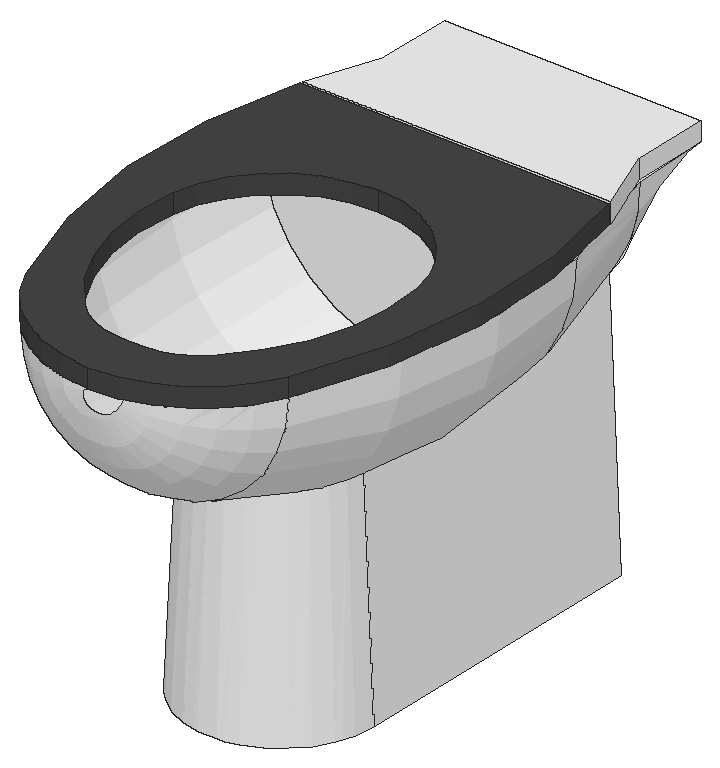
Revit family
Parameters (values of type "540 x 360mm")
  재료 좌석 = 플라스틱 - 검은색
  재료 위생 용품 = 자기
  Manufacturer = ""
  Keynote = "N13/110"
  Assembly Code = ""
Reference planes
  plane 1 "중심(앞/뒤)": y = 0
  plane 2: z = 0
  plane 3 "중심(왼쪽/오른쪽)": x = 0
Forms (mm)
  Revolve 1, solid, material "자기" <- "재료 위생 용품"
    sketch origin (0, -87.423, 390) x (1, 0, 0) y (0, 1, 0)
      loop
        arc (-174.247, -124.9) -> (-179.514, -290.639) -> (-135.875, -450.617) r 558.391
        arc (-135.875, -450.617) -> (-81.121, -515.376) -> (0, -540.098) r 150.021
        line (0, -540.098) -> (0, -520.097)
        arc (0, -520.097) -> (-70.198, -498.622) -> (-117.576, -442.547) r 130.021
        arc (-117.576, -442.547) -> (-159.862, -286.482) -> (-153.903, -124.9) r 538.391
        line (-153.903, -124.9) -> (-174.247, -124.9)
      axis (0, -540.098) -> (0, -124.9)
    angle from 0 to 180
  Extrusion 2, solid, material "플라스틱 - 검은색" <- "재료 좌석"
    sketch origin (0, -87.423, 410) x (1, 0, 0) y (0, 1, 0)
      loop
        arc (-135.875, -450.617) -> (-81.121, -515.376) -> (0, -540.098) r 150.021
        arc (0, -540.098) -> (81.121, -515.376) -> (135.875, -450.617) r 150.021
        arc (135.875, -450.617) -> (182.253, -260.283) -> (160.035, -65.644) r 558.391
        line (160.035, -65.644) -> (-160.035, -65.644)
        arc (-160.035, -65.644) -> (-182.253, -260.283) -> (-135.875, -450.617) r 558.391
      loop
        arc (0, -164.798) -> (-83.195, -195.45) -> (-126.613, -272.753) r 128.221
        arc (-126.613, -272.753) -> (-119.024, -374.181) -> (-66.602, -461.341) r 219.88
        arc (-66.602, -461.341) -> (-36.05, -480.987) -> (0, -485.429) r 81.602
        arc (0, -485.429) -> (36.05, -480.987) -> (66.602, -461.341) r 81.602
        arc (66.602, -461.341) -> (119.024, -374.181) -> (126.613, -272.753) r 219.88
        arc (126.613, -272.753) -> (115.473, -237.275) -> (94.621, -206.485) r 128.221
        arc (94.621, -206.485) -> (51.698, -175.681) -> (0, -164.798) r 128.221
    from -20 to 0
  Blend 3, solid, material "자기" <- "재료 위생 용품"
    base sketch origin (0, -212.324, 390) x (0, 0, -1) y (-1, 0, 0)
      loop
        line (0, 174.247) -> (0, -174.247)
        arc (0, -174.247) -> (174.247, 0) -> (0, 174.247) r 174.247
    top sketch origin (0, -212.324, 390) x (0, 0, -1) y (-1, 0, 0)
      loop
        line (0, 135.875) -> (0, -135.875)
        spline (0, -135.875) -> (37.529, -131.246) -> (72.5, -117.672) -> (102.53, -96.078) -> (125.574, -67.938) -> (140.059, -35.167) -> (145, 0) -> (140.059, 35.167) -> (125.574, 67.938) -> (102.53, 96.078) -> (72.5, 117.672) -> (37.529, 131.246) -> (0, 135.875)
    from 0 to 129.257
  Sweep 4, solid, material "자기" <- "재료 위생 용품"
    path origin (0, -87.423, 0) x (1, 0, 0) y (0, 1, 0)
      loop
        line (-81.095, 30.427) -> (-81.095, -289.573)
        arc (-81.095, -289.573) -> (0, -370.668) -> (81.095, -289.573) r 81.095
        line (81.095, -289.573) -> (81.095, 30.427)
    profile origin (0, -216.996, 0) x (1, 0, 0) y (0, 0, 1)
      loop
        line (-95, 0) -> (-61.095, 0) -> (-61.095, 325.717) -> (-81.095, 325.717) -> (-95, 0)
  Blend 5, solid, material "자기" <- "재료 위생 용품"
    base sketch origin (0, -83.067, 390) x (0, 0, -1) y (-1, 0, 0)
      loop
        arc (0, -135.875) -> (143.585, 0) -> (0, 135.875) r 136.082
        line (0, 135.875) -> (0, -135.875)
    top sketch origin (0, -83.067, 390) x (0, 0, -1) y (-1, 0, 0)
      loop
        arc (0, -132.482) -> (58.66, 0) -> (0, 132.482) r 178.934
        line (0, 132.482) -> (0, -132.482)
    from 0 to 83.067
  Revolve 6, void
    sketch origin (0, -87.423, 390) x (1, 0, 0) y (0, 1, 0)
      loop
        arc (-133.932, 4.356) -> (-183.344, -222.923) -> (-135.875, -450.617) r 558.391
        arc (-135.875, -450.617) -> (-81.121, -515.376) -> (0, -540.098) r 150.021
        line (0, -540.098) -> (0, 4.356) -> (-133.932, 4.356)
      axis (0, -540.098) -> (0, 4.356)
    angle from 0 to 180
  Extrusion 7, solid, material "자기" <- "재료 위생 용품"
    sketch origin (0, 75.451, 0) x (1, 0, 0) y (0, 1, 0)
      loop
        arc (-132.482, -155.332) -> (-147.059, -190.166) -> (-159.249, -225.906) r 558.391
        line (-159.249, -225.906) -> (159.249, -225.906)
        arc (159.249, -225.906) -> (147.059, -190.166) -> (132.482, -155.332) r 558.391
        line (132.482, -155.332) -> (132.482, -75.451) -> (0, -75.451) -> (-132.482, -75.451) -> (-132.482, -155.332)
    from 390 to 410
Cuts and joins
  Revolve 6 cuts Sweep 4
  joined: Revolve 1, Blend 3, Sweep 4, Blend 5, Extrusion 7
Lines and regions (mm)
  Masking region 1
    outline origin (0, 0, 0) x (1, 0, 0) y (0, 1, 0)
      loop
        arc (-132.482, -79.881) -> (-183.334, -308.596) -> (-135.875, -538.04) r 558.391
        arc (-135.875, -538.04) -> (-81.121, -602.799) -> (0, -627.521) r 150.021
        arc (0, -627.521) -> (81.121, -602.799) -> (135.875, -538.04) r 150.021
        arc (135.875, -538.04) -> (183.334, -308.596) -> (132.482, -79.881) r 558.391
        line (132.482, -79.881) -> (132.482, 0) -> (-132.482, 0) -> (-132.482, -79.881)
  symbolic lines
    curve 1: line (-30.78, -342.78, 0) -> (30.78, -342.78, 0)
    curve 2: line (30.78, -342.78, 0) -> (43.112, -355.112, 0)
    curve 3: arc (43.112, -355.112, 0) -> (56.291, -378.448, 0) -> (55.525, -405.238, 0) r 50
    curve 4: arc (55.525, -405.238, 0) -> (0.001, -446.188, 0) -> (-55.525, -405.242, 0) r 58.12
    curve 5: arc (-55.525, -405.242, 0) -> (-56.292, -378.45, 0) -> (-43.113, -355.112, 0) r 50
    curve 6: line (-43.113, -355.112, 0) -> (-30.78, -342.78, 0)
    curve 7: arc (-132.482, -79.881, 0) -> (-183.334, -308.596, 0) -> (-135.875, -538.04, 0) r 558.391
    curve 8: arc (-135.875, -538.04, 0) -> (-81.121, -602.799, 0) -> (0, -627.521, 0) r 150.021
    curve 9: arc (0, -627.521, 0) -> (81.121, -602.799, 0) -> (135.875, -538.04, 0) r 150.021
    curve 10: arc (135.875, -538.04, 0) -> (183.334, -308.596, 0) -> (132.482, -79.881, 0) r 558.391
    curve 11: arc (-66.602, -548.764, 0) -> (-119.024, -461.604, 0) -> (-126.613, -360.177, 0) r 219.88
    curve 12: arc (-126.613, -360.177, 0) -> (-83.195, -282.873, 0) -> (0, -252.221, 0) r 128.221
    curve 13: arc (0, -252.221, 0) -> (51.698, -263.104, 0) -> (94.621, -293.908, 0) r 128.221
    curve 14: arc (94.621, -293.908, 0) -> (115.473, -324.698, 0) -> (126.613, -360.177, 0) r 128.221
    curve 15: arc (126.613, -360.177, 0) -> (119.024, -461.604, 0) -> (66.602, -548.764, 0) r 219.88
    curve 16: arc (66.602, -548.764, 0) -> (36.05, -568.41, 0) -> (0, -572.852, 0) r 81.602
    curve 17: arc (0, -572.852, 0) -> (-36.05, -568.41, 0) -> (-66.602, -548.764, 0) r 81.602
    curve 18: line (-132.482, 0, 0) -> (-132.482, -79.881, 0)
    curve 19: line (132.482, -79.881, 0) -> (132.482, 0, 0)
    curve 20: line (132.482, 0, 0) -> (-132.482, 0, 0)
    curve 21: line (-159.249, -150.455, 0) -> (159.249, -150.455, 0)
Dimensions and locks
  aligned and locked: Extrusion 2 to Revolve 1
  aligned and locked: cut or joined group of Revolve 1, Blend 3, Sweep 4, Blend 5, Revolve 6, Extrusion 7 to Extrusion 7
  aligned and locked: Extrusion 7 to Extrusion 2
  aligned and locked: curve 18 to cut or joined group of Revolve 1, Blend 3, Sweep 4, Blend 5, Revolve 6, Extrusion 7
  aligned and locked: curve 19 to cut or joined group of Revolve 1, Blend 3, Sweep 4, Blend 5, Revolve 6, Extrusion 7
  aligned and locked: curve 20 to cut or joined group of Revolve 1, Blend 3, Sweep 4, Blend 5, Revolve 6, Extrusion 7
  aligned and locked: curve 21 to cut or joined group of Revolve 1, Blend 3, Sweep 4, Blend 5, Revolve 6, Extrusion 7
